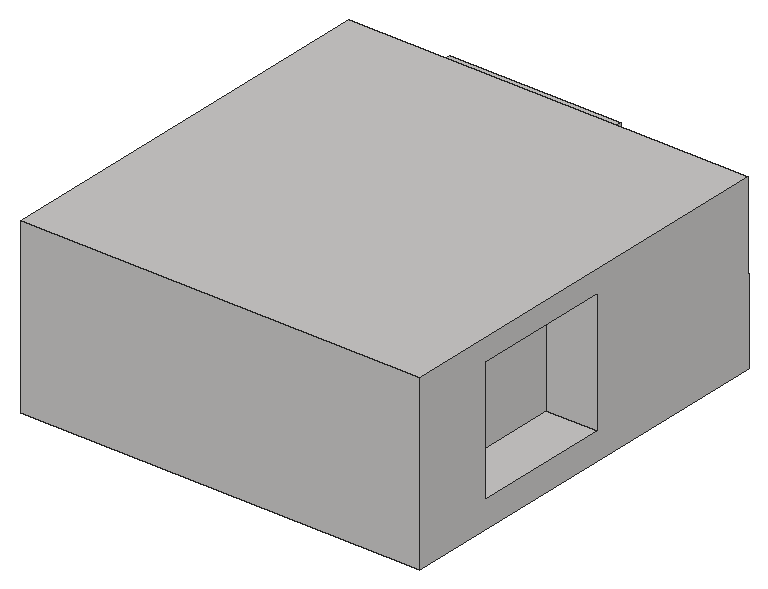
Revit family
Parameters
  Width = 4' - 0 1/8"
  Voltage = 120 V
  Unit Weight = "220.0 lbs"
  UltraLoc Liner = Choose Liner Option = 3  # no
  URL = "http://www.titus-hvac.com/"
  UL = "181"
  Supply Air Flow [instance] = 0 CFM
  SteriLoc Liner = Choose Liner Option = 2  # no
  Primary Air Pressure Drop [instance] = 0.00 in-wg
  Primary Air Flow [instance] = 0 CFM
  Plenum Air Pressure Drop [instance] = 0.00 in-wg
  Plenum Air Flow [instance] = 0 CFM
  Outlet Width = 1' - 4 1/2"
  Outlet Vertical Offset = 0' - 1 1/8"
  Outlet Horizontal Offset = 0' - 1 3/8"
  Outlet Height = 1' - 2 1/2"
  Number of Poles = 1
  Nominal Width = Width + 0' 6 1/4"  # 4' - 6 3/8"
  Nominal Length = Length + 0' 3 3/8"  # 4' - 2 1/4"
  Nominal Inlet Size = 1' - 2"
  Nominal Height = 1' - 8 1/8"
  NFPA = "90A"
  Motor Full Load Amps = 10 A
  Model = "DTQS"
  Min. Air Flow = 0 CFM
  Max. Air Flow = 0 CFM
  Material = Galvanized Steel
  Manufacturer = "Titus"
  Length = 3' - 10 7/8"
  Juction Box Offset = 0' - 6 7/8"
  Inlet Diameter = Nominal Inlet Size - 0' 0 1/8"  # 1' - 1 7/8"
  Induced offset = 0' - 1 1/4"
  Induced Air Inlet Offset = 0' - 4 1/2"
  Induced Air Inlet Width = 1' - 9"
  Induced Air Inlet Height = 1' - 5 1/2"
  Induced Air Filter = no
  Heating Total Capacity [instance] = 0 Btu/h
  Half Outlet Connection Width = Outlet Width / 2  # 0' - 8 1/4"
  Half Outlet Connection Height = Outlet Height / 2  # 0' - 7 1/4"
  Half Height Start = -(Nominal Height / 2)  # -0' - 10 1/16"
  Half Height End = Nominal Height / 2  # 0' - 10 1/16"
  HP-Motor = "1/3"
  Frequency = 60 Hz
  Filter Size = "27\"x20\""
  Fiber Free Liner = Choose Liner Option = 1  # no
  Fan Disconnect Switch = no
  Duct Radius = Nominal Inlet Size / 2  # 0' - 7"
  Description = "Series Fan Powered Terminal Unit, Direct Digital Control, Pressure Independent"
  Connection Void Radius = Connection Radius - 0' 0 1/4"  # 0' - 6 11/16"
  Connection Radius = Inlet Diameter / 2  # 0' - 6 15/16"
  Choose Liner Option = 0
  CADworks URL = "www.CADworks.net"
  Assembly Code = "D3040100"
  Apparent Power = Voltage * Motor Full Load Amps  # 1200 VA
  Air Inlet Offset = 0' - 10"
  1/2" Fiberglass Liner = Choose Liner Option = 0  # yes
Reference planes (in)
  plane 1 "Center (Front/Back)": y = 0
  plane 2: z = 0
  plane 3 "Center (Left/Right)": x = 3
  plane 4: x = -20.4375
  plane 5: x = 26.4375
  plane 6: x = -13.5625
  plane 7: x = -23.8125
  plane 8 "Center (Elevation)": z = 0
  plane 9: y = -24.0625
  plane 10: y = 24.0625
  plane 11: y = 14.0625
  plane 12: y = -19.5625
  plane 13: x = 20.4375
  plane 14: y = 30.3125
  plane 15: z = 10.0625
  plane 16: z = -10.0625
Forms (in)
  Extrusion 1, solid, material "Galvanized Steel" <- "Material"
    sketch origin (0, 0, 52) x (1, 0, 0) y (0, 1, 0)
      loop
        line (-20.4375, 24.0625) -> (-20.4375, -24.0625) -> (26.4375, -24.0625) -> (26.4375, 24.0625) -> (-20.4375, 24.0625)
    from -62.0625 <- "Half Height Start" to -41.9375 <- "Half Height End"
  Extrusion 2, solid, material "Galvanized Steel" <- "Material"
    sketch origin (5.0625, 0, -6) x (1, 0, 0) y (0, 1, 0)
      loop
        line (-18.625, 24.0625) -> (1.375, 24.0625) -> (1.375, 30.3125) -> (-18.625, 30.3125) -> (-18.625, 24.0625)
    from 0 to 12
  Extrusion 3, void
    sketch origin (26.4375, 24.0625, 53.125) x (0, 1, 0) y (0, 0, -1)
      loop
        line (-22.125, 45.5625) -> (-22.125, 60.0625) -> (-38.625, 60.0625) -> (-38.625, 45.5625) -> (-22.125, 45.5625)
    from 0 to 6
  Extrusion 4, solid, material "Galvanized Steel" <- "Material"
    sketch origin (-24.875, 0.5625, 0) x (0, 0, -1) y (0, 1, 0)
      loop
        circle (0, 13.5) r 6.9375
    from 1.0625 to 4.4375
  Extrusion 5, void
    sketch origin (-24.875, 0, 0) x (0, 1, 0) y (0, 0, 1)
      loop
        circle (14.0625, 0) r 6.6875
    from 1.0625 to 11.3125
  Extrusion 6, void
    sketch origin (-20.4375, -24.0625, 52) x (0, -1, 0) y (0, 0, -1)
      loop
        line (-25.5, 43.3125) -> (-4.5, 43.3125) -> (-4.5, 60.8125) -> (-25.5, 60.8125) -> (-25.5, 43.3125)
    from 0 to 6.875
Cuts and joins
  Extrusion 3, Extrusion 5, Extrusion 6 cuts Extrusion 1
  Extrusion 5 cuts Extrusion 4
Dimensions and locks (in)
  "Length": plane 5 to plane 4
  equal spacing: plane 5, plane 3 "Center (Left/Right)", plane 4
  locked: Extrusion 2 to plane 6 at 0
  locked: Extrusion 2 to Extrusion 2 at 20
  "Juction Box Offset": plane 6 to plane 4
  "Outlet Height": Extrusion 3 sketch curve to Extrusion 3 sketch curve
  "Outlet Width": Extrusion 3 sketch curve to Extrusion 3 sketch curve
  locked: plane 4 to plane 7 at 3.375
  "Width": plane 9 to plane 10
  equal spacing: plane 9, plane 1 "Center (Front/Back)", plane 10
  locked: Extrusion 4 sketch curve to level at 0
  locked: Extrusion 4 sketch curve to plane 11 at 0
  locked: Extrusion 5 sketch curve to level at 0
  locked: Extrusion 5 sketch curve to plane 11 at 0
  locked: Extrusion 2 to Extrusion 2 at 6.25
  "Air Inlet Offset": plane 10 to plane 11
  locked: Extrusion 2 to plane 10 at 0
  locked: cut or joined group of Extrusion 4, Extrusion 5 to plane 7 at 0
  locked: cut or joined group of Extrusion 4, Extrusion 5 to cut or joined group of Extrusion 4, Extrusion 5 at 3.375
  "Induced Air Inlet Offset": plane 9 to plane 12
  "Induced Air Inlet Width": Extrusion 6 sketch curve to Extrusion 6 sketch curve
  "Induced Air Inlet Height": Extrusion 6 sketch curve to Extrusion 6 sketch curve
  "Induced Air Inlet Offset": Extrusion 6 sketch curve to plane 9
  locked: plane 9 to Extrusion 3 sketch curve at 9.5
  cut or joined group of Extrusion 1, Extrusion 3, Extrusion 5, Extrusion 6 to Extrusion 3 sketch curve = 0' - 3 1/8"
  locked: Extrusion 2 to Extrusion 2 at 12
  equal spacing: Extrusion 2, level, Extrusion 2
  locked: cut or joined group of Extrusion 1, Extrusion 3, Extrusion 5, Extrusion 6 to cut or joined group of Extrusion 1, Extrusion 3, Extrusion 5, Extrusion 6 at 20.125
  equal spacing: cut or joined group of Extrusion 1, Extrusion 3, Extrusion 5, Extrusion 6, level, cut or joined group of Extrusion 1, Extrusion 3, Extrusion 5, Extrusion 6
  "Induced offset": Extrusion 6 sketch curve to cut or joined group of Extrusion 1, Extrusion 3, Extrusion 5, Extrusion 6
  "Connection Radius": radius of Extrusion 4 sketch curve
  "Connection Void Radius": radius of Extrusion 5 sketch curve
  aligned and locked: plane 6 to Extrusion 6
  aligned and locked: Extrusion 3 to plane 13
  aligned and locked: plane 5 to cut or joined group of Extrusion 1, Extrusion 3, Extrusion 5, Extrusion 6
  aligned and locked: cut or joined group of Extrusion 1, Extrusion 3, Extrusion 5, Extrusion 6 to plane 4
  aligned and locked: cut or joined group of Extrusion 1, Extrusion 3, Extrusion 5, Extrusion 6 to plane 10
  aligned and locked: plane 9 to cut or joined group of Extrusion 1, Extrusion 3, Extrusion 5, Extrusion 6
  aligned and locked: Extrusion 1 to Extrusion 6
  aligned and locked: Extrusion 5 to plane 7
  aligned and locked: plane 6 to Extrusion 5
Automatic sketch dimensions
  Extrusion 1 sketch curve to plane 4 = 0' - 0"
  plane 5 to Extrusion 1 sketch curve = 0' - 0"
  Extrusion 1 sketch curve to plane 9 = 0' - 0"
  Extrusion 1 sketch curve to plane 10 = 0' - 0"
  Extrusion 2 sketch curve to plane 6 = 0' - 0"
  Extrusion 2 sketch curve to plane 10 = 0' - 0"
  plane 3 "Center (Left/Right)" to Extrusion 2 sketch curve = 0' - 3 7/16"
  Extrusion 2 sketch curve to plane 10 = 0' - 6 1/4"
Connectors (in)
  electrical at (-3.5625, 30.3125, 0), driven by "Apparent Power", driven by "Voltage", driven by "Number of Poles"
    settings: on Extrusion 2, index 8
  hvac at (-23.8125, 14.0625, 0), driven by "Primary Air Flow", driven by "Duct Radius", driven by "Primary Air Pressure Drop"
    settings: on cut or joined group of Extrusion 4, Extrusion 5, index 9
  hvac at (-20.4375, -9.0625, -0.0625), driven by "Induced Air Inlet Height", driven by "Induced Air Inlet Width", driven by "Plenum Air Pressure Drop", driven by "Plenum Air Flow"
    settings: on cut or joined group of Extrusion 1, Extrusion 3, Extrusion 5, Extrusion 6, index 12
  hvac at (26.4375, -6.3125, 0.3125), driven by "Supply Air Flow", driven by "Outlet Width", driven by "Outlet Height"
    settings: on cut or joined group of Extrusion 1, Extrusion 3, Extrusion 5, Extrusion 6, index 13
